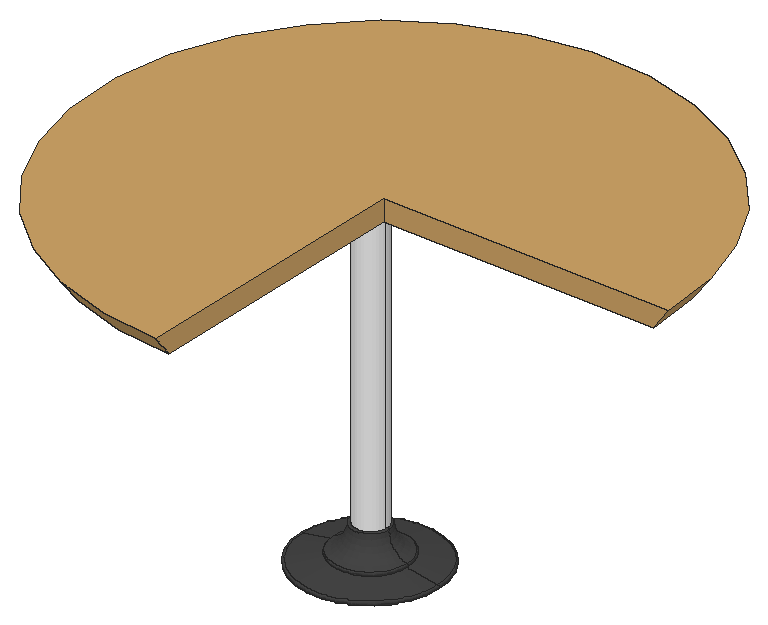
Revit family
Parameters (values of type "1100x720mm")
  Manufacturer = ""
  Model = ""
  고무 재료 = 검은색 플라스틱
  다리 재료 = 금속 - 크롬(2)
  상단 면 재료 = 목재 - 티크, 폭
Reference planes
  plane 1 "중심(앞/뒤)": y = 0
  plane 2: z = 0
  plane 3 "중심(왼쪽/오른쪽)": x = 0
  plane 4: x = -550
  plane 5: x = 550
  plane 6: y = 550
  plane 7: y = -550
  plane 8: z = 720
  plane 9: z = 680
Forms (mm)
  Blend 1, solid, material "목재 - 티크, 폭" <- "상단 면 재료"
    base sketch origin (0, 0, 0) x (1, 0, 0) y (0, 1, 0)
      loop
        line (0, -520) -> (0, 0) -> (520, 0)
        arc (520, 0) -> (-367.696, 367.696) -> (0, -520) r 520
    top sketch origin (0, 0, 0) x (1, 0, 0) y (0, 1, 0)
      loop
        line (0, -550) -> (0, 0) -> (550, 0)
        arc (550, 0) -> (-388.909, 388.909) -> (0, -550) r 550
    from 680 to 720
  Extrusion 2, solid, material "금속 - 크롬(2)" <- "다리 재료"
    sketch origin (-39.22, 275.62, 0) x (1, 0, 0) y (0, 1, 0)
      loop
        circle (-77.098, -162.713) r 30
    from 0 to 690
  Revolve 3, solid, material "검은색 플라스틱" <- "고무 재료"
    sketch origin (-39.22, 112.908, 0) x (1, 0, 0) y (0, 0, -1)
      loop
        arc (-47.098, -70.188) -> (-44.567, -71.731) -> (-42.036, -70.188) r 2.848
        arc (-42.036, -70.188) -> (-31.976, -41.098) -> (-6.786, -23.409) r 50.008
        arc (-6.786, -23.409) -> (-5.337, -20.482) -> (-6.786, -17.555) r 3.681
        line (-6.786, -17.555) -> (-47.098, -17.555) -> (-47.098, -70.188)
      axis (-77.098, -17.555) -> (-77.098, -70.188)
    angle from 0 to 360
  Revolve 4, solid, material "검은색 플라스틱" <- "고무 재료"
    sketch origin (-40.788, 112.908, 0) x (1, 0, 0) y (0, 0, -1)
      loop
        arc (-6.786, -17.555) -> (22.804, -10.832) -> (52.902, -6.966) r 317.272
        arc (52.902, -6.966) -> (56.385, -3.483) -> (52.902, 0) r 3.483
        line (52.902, 0) -> (-47.098, 0) -> (-47.098, -17.555) -> (-6.786, -17.555)
      axis (-77.098, 0) -> (-77.098, -17.555)
    angle from 0 to 360
  Revolve 5, solid, material "검은색 플라스틱" <- "고무 재료"
    sketch origin (-40.788, 112.908, 707.555) x (1, 0, 0) y (0, 0, -1)
      loop
        line (-47.098, 70.188) -> (-47.098, 17.555) -> (-6.786, 17.555)
        arc (-6.786, 17.555) -> (-5.337, 20.482) -> (-6.786, 23.409) r 3.681
        arc (-6.786, 23.409) -> (-31.976, 41.098) -> (-42.036, 70.188) r 50.008
        arc (-42.036, 70.188) -> (-44.567, 71.731) -> (-47.098, 70.188) r 2.848
      axis (-77.098, 17.555) -> (-77.098, 70.188)
    angle from 0 to 360
Dimensions and locks
  equal spacing: plane 4, plane 3 "중심(왼쪽/오른쪽)", plane 5
  locked: plane 4 to plane 5 at 1100
  equal spacing: plane 7, plane 1 "중심(앞/뒤)", plane 6
  locked: plane 7 to plane 6 at 1100
  aligned and locked: level to Revolve 4
